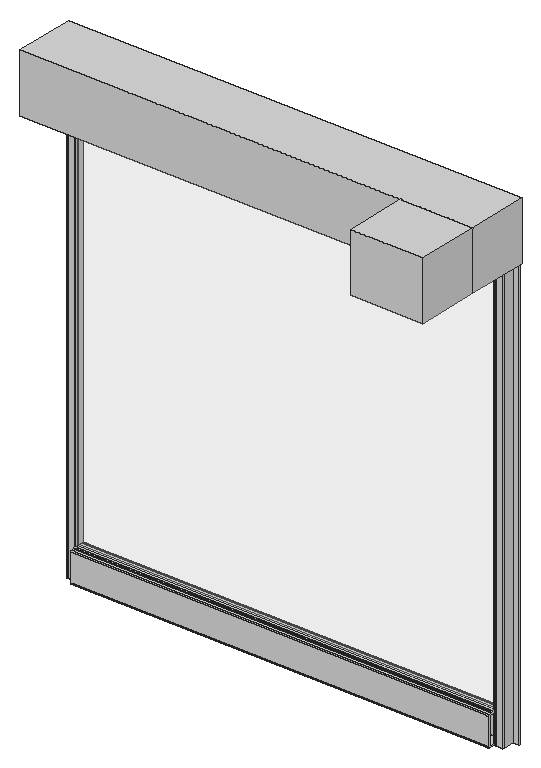
Revit family "Door-Crossing-Gard-Grille_FaceOfWallMount_CornellIron", category Doors, host Wall, Revit 2013
Parameters (values of type "Motor Operated, Aluminium (Mill Finish), 3" Vertical Spacing")
  Sizing Disclaimer = "Openings from 5' to 24' wide and 4' to 20' high."  # constant formula
  Revit Object Download Link = "http://cornellcookson.smartbim.com/download/Door_Crossing-Gard-Grille_FaceOfWallMount_CornellIron"
  Motor = yes
  Function = Interior
  Drip Extension = 0' - 5"
  Curtain Rods 2" OC Standard = Aluminum, mill finish 3" Spacing (curtain only)
  Bottom Bar = Aluminum, mill finish(non-curtain components)
  Guides = Aluminum, mill finish(non-curtain components)
  Hood = Aluminum, mill finish(non-curtain components)
  Mounting = "Face of Wall "  # constant formula
  URL = "http://www.cornelliron.com/crossingGard.html"
  Subcategory = "Overhead Doors"  # constant formula
  Shutter Width = Width + 2 * 0' 2 1/2" + 2 * 0' 0 15/32"  # 10' - 5 15/16"
  Shutter Height = Height - 0' 4 205/256"  # 9' - 7 51/256"
  Optional aluminum, color anodized finish = no
  Operator Height = 5' - 4"
  Operator = Operator : Motor Operator
  Operation = ""
  From Coil Side Operate on Right = yes
  From Coil Side Operate on Left = not(From Coil Side Operate on Right)  # no
  Curtain Spacing Vertical Chains 9" OC = no
  Curtain Spacing Vertical Chains 6" OC = no
  Curtain Spacing Vertical Chains 3" OC = yes
  Model = "ERG-IBC"  # constant formula
  Manufacturer = "Cornell Iron Works"  # constant formula
  LEED Information = "http://www.cornelliron.com/architect-tools-and-resources/leed-information"
  Height = 10' - 0"
  Wall Closure = By host
  Width = 10' - 0"
  Description = "The security of a locked rolling grille that opens on alarm or power failure allowing safe escape."  # constant formula
  Construction Type = ""
  Assembly Code = "B2030410"
  95 CSI = "08330"  # constant formula
  Coil Dimension Note = "15” to 20” - Consult Cornell when dimensions are critical."  # constant formula
  Jamb Dimension Note = " 3” to 4 1/2”  wide. Consult Cornell when dimensions are critical"  # constant formula
  Wall Construction = "Self supporting tubes, Masonry, Steel or Wood"  # constant formula
  Listings = "ICC-ES Evaluated for access controlled egress per the IBC®, per ESR-1167"  # constant formula
  URL Specifications = "http://www.cornelliron.com/docs/default-source/default-document-library/crossinggard-emergency-response-grilles-specification.doc?sfvrsn=1"
  URL Photographs = "http://www.cornelliron.com/inspiration-customization/project-gallery"
  URL CAD = "http://www.cornelliron.com/architect-tools-and-resources/drawing-generator"
  Representative Disclaimer = "Cornell products are sold and installed through a nationwide network of independent distributors."  # constant formula
  Distributor Locator = "http://www.cornelliron.com/contact-us"
  04 CSI = "08 33 00"  # constant formula
  Cost Note = "Based on size, materials selected. Consult Cornell."  # constant formula
Types (12): name | Curtain Rods 2" OC Standard | Bottom Bar | Guides | Hood | Curtain Spacing Vertical Chains 9" OC | Curtain Spacing Vertical Chains 6" OC | Curtain Spacing Vertical Chains 3" OC
  Motor Operated, Aluminium (Anodized Finish), 9" Vertical Spacing | Aluminum, mill finish 3" Spacing (curtain only) | Aluminum, mill finish(non-curtain components) | Aluminum, mill finish(non-curtain components) | Aluminum, mill finish(non-curtain components) | no | no | yes
  Motor Operated, Aluminium (Mill Finish), 9" Vertical Spacing | Aluminum, mill finish 9" Spacing (curtain only) | Aluminum, mill finish(non-curtain components) | Aluminum, mill finish(non-curtain components) | Aluminum, mill finish(non-curtain components) | yes | no | no
  Motor Operated, Galvanized Steel, 9" Vertical Spacing | Galvanized steel 9" Spacing (curtain only) | Galvanized steel curtain, galvanized or powder coated plain steel components(non-curtain components) | Galvanized steel curtain, galvanized or powder coated plain steel components(non-curtain components) | Galvanized steel curtain, galvanized or powder coated plain steel components(non-curtain components) | yes | no | no
  Motor Operated, Stainless Steel, 9" Vertical Spacing | Stainless steel 9" Spacing (curtain only) | Stainless steel(non-curtain components) | Stainless steel(non-curtain components) | Stainless steel(non-curtain components) | yes | no | no
  Motor Operated, Stainless Steel, 6" Vertical Spacing | Stainless steel 6" Spacing (curtain only) | Stainless steel(non-curtain components) | Stainless steel(non-curtain components) | Stainless steel(non-curtain components) | no | yes | no
  Motor Operated, Stainless Steel, 3" Vertical Spacing | Stainless steel 3" Spacing (curtain only) | Stainless steel(non-curtain components) | Stainless steel(non-curtain components) | Stainless steel(non-curtain components) | no | no | yes
  Motor Operated, Galvanized Steel, 6" Vertical Spacing | Galvanized steel 6" Spacing (curtain only) | Galvanized steel curtain, galvanized or powder coated plain steel components(non-curtain components) | Galvanized steel curtain, galvanized or powder coated plain steel components(non-curtain components) | Galvanized steel curtain, galvanized or powder coated plain steel components(non-curtain components) | no | yes | no
  Motor Operated, Galvanized Steel, 3" Vertical Spacing | Galvanized steel 3" Spacing (curtain only) | Galvanized steel curtain, galvanized or powder coated plain steel components(non-curtain components) | Galvanized steel curtain, galvanized or powder coated plain steel components(non-curtain components) | Galvanized steel curtain, galvanized or powder coated plain steel components(non-curtain components) | no | no | yes
  Motor Operated, Aluminium (Mill Finish), 6" Vertical Spacing | Aluminum, mill finish 6" Spacing (curtain only) | Aluminum, mill finish(non-curtain components) | Aluminum, mill finish(non-curtain components) | Aluminum, mill finish(non-curtain components) | no | yes | no
  Motor Operated, Aluminium (Mill Finish), 3" Vertical Spacing | Aluminum, mill finish 3" Spacing (curtain only) | Aluminum, mill finish(non-curtain components) | Aluminum, mill finish(non-curtain components) | Aluminum, mill finish(non-curtain components) | no | no | yes
  Motor Operated, Aluminium (Anodized Finish), 6" Vertical Spacing | Aluminum, anodized finish 6" Spacing (curtain only) | Aluminum, anodized finish(non-curtain components) | Aluminum, anodized finish(non-curtain components) | Aluminum, anodized finish(non-curtain components) | no | yes | no
  Motor Operated, Aluminium (Anodized Finish), 3" Vertical Spacing | Aluminum, anodized finish 3" Spacing (curtain only) | Aluminum, anodized finish(non-curtain components) | Aluminum, anodized finish(non-curtain components) | Aluminum, anodized finish(non-curtain components) | no | no | yes
Reference planes (in)
  plane 1 "Center (Front/Back)": y = 0
  plane 2 "Center (Left/Right)": x = 36
  plane 3 "Left": x = -24
  plane 4 "Right": x = 96
  plane 5 "Top": z = 120
  plane 6 "Wall Edge": y = -4.25
  plane 7: y = -4.25
  plane 8 "Top of Hood": z = 142
  plane 9: y = -17.875
  plane 10: z = 125
  plane 11: z = 4.39975
  plane 12: z = 4.39975
  plane 13: z = 6.41361
  plane 14: z = 10.41361
  plane 15: y = -6.125
  plane 16: x = -29.5
  plane 17: x = 101.5
  plane 18: x = -27
  plane 19: x = 99
  plane 20: z = 132
  plane 21: y = -21.75
  plane 22: y = -39.75
Forms (in)
  Sweep 1, solid, material "Aluminum, mill finish(non-curtain components)" <- "Guides"
    path origin (-95.55277, -6.125, 84) x (-1, 0, 0) y (0, 0, 1)
      loop
        line (-192.05277, -84) -> (-71.05277, -84)
    profile "Profile_BottomBar : Profile_BottomBar" origin (36, -6.125, 0) x (0, 0, 1) y (0, 1, 0)
      loop
        line (0.252, 1.15352) -> (0.252, -3.26114) -> (8.31715, -3.26114) -> (8.31715, 1.15352) -> (0.252, 1.15352)
      loop
        line (0.17656, -3.48747) -> (8.39259, -3.48747)
        arc (8.39259, -3.48747) -> (8.49929, -3.44328) -> (8.54348, -3.33658) r 0.15089
        line (8.54348, -3.33658) -> (8.54348, -2.49697)
        arc (8.54348, -2.49697) -> (8.58767, -2.39028) -> (8.69437, -2.34608) r 0.15089
        line (8.69437, -2.34608) -> (8.85012, -2.34608)
        arc (8.85012, -2.34608) -> (8.95681, -2.30189) -> (9.00101, -2.1952) r 0.15089
        line (9.00101, -2.1952) -> (9.00101, 0.08758)
        arc (9.00101, 0.08758) -> (8.95681, 0.19427) -> (8.85012, 0.23846) r 0.15089
        line (8.85012, 0.23846) -> (8.69437, 0.23846)
        arc (8.69437, 0.23846) -> (8.58767, 0.28266) -> (8.54348, 0.38935) r 0.15089
        line (8.54348, 0.38935) -> (8.54348, 1.22896)
        arc (8.54348, 1.22896) -> (8.49929, 1.33566) -> (8.39259, 1.37985) r 0.15089
        line (8.39259, 1.37985) -> (0.17656, 1.37985)
        arc (0.17656, 1.37985) -> (0.06986, 1.33566) -> (0.02567, 1.22896) r 0.15089
        line (0.02567, 1.22896) -> (0.02567, -3.33658)
        arc (0.02567, -3.33658) -> (0.06986, -3.44328) -> (0.17656, -3.48747) r 0.15089
  Sweep 2, solid, material "Aluminum, mill finish(non-curtain components)" <- "Guides"
    path origin (-60, -4.25, 0) x (1, 0, 0) y (0, 0, 1)
      loop
        line (161.5, 125) -> (161.5, 0)
    profile "Guide-Profile : Guide-Profile" origin (101.5, -4.25, 62.5) x (1, 0, 0) y (0, -1, 0)
      loop
        line (-4.5, 2.484) -> (-4.5, 2.688) -> (-4.64, 2.688) -> (-4.64, 2.56104) -> (-4.86, 2.56104) -> (-4.86, 2.688) -> (-5, 2.688) -> (-5, 2.52275) -> (-5, 1.186) -> (-4.875, 1.124) -> (-2.5, 1.124) -> (-2.5, 0) -> (-0.5, 0) -> (-0.5, 0.188) -> (-2.312, 0.188) -> (-2.312, 3) -> (-2.5, 3) -> (-2.5, 2.562) -> (-2.563, 2.562) -> (-2.563, 3.3125) -> (-2.5, 3.3125) -> (-2.5, 3.625) -> (-4.875, 3.625) -> (-5, 3.563) -> (-5, 3.312) -> (-4.86, 3.312) -> (-4.86, 3.51604) -> (-4.64, 3.51604) -> (-4.64, 3.312) -> (-4.5, 3.312) -> (-4.5, 3.516) -> (-2.688, 3.516) -> (-2.688, 2.484) -> (-4.5, 2.484)
  Sweep 3, solid, material "Aluminum, mill finish(non-curtain components)" <- "Guides"
    path origin (-60, -4.25, 0) x (1, 0, 0) y (0, 0, 1)
      loop
        line (30.5, 125) -> (30.5, 0)
    profile "Guide-Profile : Guide-Profile" origin (-29.5, -4.25, 62.5) x (1, 0, 0) y (0, -1, 0)
      loop
        line (4.5, 2.484) -> (2.688, 2.484) -> (2.688, 3.516) -> (4.5, 3.516) -> (4.5, 3.312) -> (4.64, 3.312) -> (4.64, 3.51604) -> (4.86, 3.51604) -> (4.86, 3.312) -> (5, 3.312) -> (5, 3.563) -> (4.875, 3.625) -> (2.5, 3.625) -> (2.5, 3.3125) -> (2.563, 3.3125) -> (2.563, 2.562) -> (2.5, 2.562) -> (2.5, 3) -> (2.312, 3) -> (2.312, 0.188) -> (0.5, 0.188) -> (0.5, 0) -> (2.5, 0) -> (2.5, 1.124) -> (4.875, 1.124) -> (5, 1.186) -> (5, 2.52275) -> (5, 2.688) -> (4.86, 2.688) -> (4.86, 2.56104) -> (4.64, 2.56104) -> (4.64, 2.688) -> (4.5, 2.688) -> (4.5, 2.484)
  Extrusion 4, solid, material "Aluminum, mill finish 3" Spacing (curtain only)" <- "Curtain Rods 2" OC Standard"
    sketch origin (0, 0, 0) x (1, 0, 0) y (0, 0, 1)
      loop
        line (-24.5, 125) -> (-24.5, 9.00101) -> (96.5, 9.00101) -> (96.5, 125) -> (-24.5, 125)
    from 6.938 to 7.562
Cuts and joins
  joined: Sweep 1, Sweep 2, Sweep 3
Lines and regions (in)
  Opening 1
    outline origin (-90, -4.25, 0) x (1, 0, 0) y (0, 0, 1)
      loop
        line (66, 0) -> (186, 0) -> (186, 120) -> (66, 120) -> (66, 0)
  symbolic lines, style "DoorsPanelProjection"
    curve 1: line (-29, -4.438, 0) -> (-27.188, -4.438, 0)
    curve 2: line (-29, -4.25, 0) -> (-29, -4.438, 0)
    curve 3: line (-27, -4.25, 0) -> (-29, -4.25, 0)
    curve 4: line (-27, -5.374, 0) -> (-27, -4.25, 0)
    curve 5: line (-27.188, -4.438, 0) -> (-27.188, -7.25, 0)
    curve 6: line (-27.188, -7.25, 0) -> (-27, -7.25, 0)
    curve 7: line (-27, -7.25, 0) -> (-27, -6.812, 0)
    curve 8: line (-27, -6.812, 0) -> (-26.937, -6.812, 0)
    curve 9: line (-26.937, -6.812, 0) -> (-26.937, -7.5625, 0)
    curve 10: line (-26.937, -7.5625, 0) -> (-27, -7.5625, 0)
    curve 11: line (-27, -7.5625, 0) -> (-27, -7.875, 0)
    curve 12: line (-27, -7.875, 0) -> (-24.625, -7.875, 0)
    curve 13: line (-24.625, -7.875, 0) -> (-24.5, -7.813, 0)
    curve 14: line (-24.5, -7.813, 0) -> (-24.5, -7.562, 0)
    curve 15: line (-24.5, -7.562, 0) -> (-24.64, -7.562, 0)
    curve 16: line (-24.64, -7.562, 0) -> (-24.64, -7.76604, 0)
    curve 17: line (-24.64, -7.76604, 0) -> (-24.86, -7.76604, 0)
    curve 18: line (-24.86, -7.76604, 0) -> (-24.86, -7.562, 0)
    curve 19: line (-24.86, -7.562, 0) -> (-25, -7.562, 0)
    curve 20: line (-25, -7.562, 0) -> (-25, -7.766, 0)
    curve 21: line (-25, -7.766, 0) -> (-26.812, -7.766, 0)
    curve 22: line (-26.812, -7.766, 0) -> (-26.812, -6.734, 0)
    curve 23: line (-26.812, -6.734, 0) -> (-25, -6.734, 0)
    curve 24: line (-25, -6.734, 0) -> (-25, -6.938, 0)
    curve 25: line (-25, -6.938, 0) -> (-24.86, -6.938, 0)
    curve 26: line (-24.86, -6.938, 0) -> (-24.86, -6.81104, 0)
    curve 27: line (-24.86, -6.81104, 0) -> (-24.64, -6.81104, 0)
    curve 28: line (-24.64, -6.81104, 0) -> (-24.64, -6.938, 0)
    curve 29: line (-24.64, -6.938, 0) -> (-24.5, -6.938, 0)
    curve 30: line (-24.5, -6.938, 0) -> (-24.5, -5.436, 0)
    curve 31: line (-24.5, -5.436, 0) -> (-24.625, -5.374, 0)
    curve 32: line (-24.625, -5.374, 0) -> (-27, -5.374, 0)
    curve 33: line (-27, -5.374, 0) -> (-27, -4.25, 0)
    curve 34: line (101, -4.438, 0) -> (101, -4.25, 0)
    curve 35: line (101, -4.25, 0) -> (99, -4.25, 0)
    curve 36: line (99.188, -4.438, 0) -> (101, -4.438, 0)
    curve 37: line (99.188, -7.25, 0) -> (99.188, -4.438, 0)
    curve 38: line (99, -4.25, 0) -> (99, -5.374, 0)
    curve 39: line (99.188, -7.25, 0) -> (99.188, -4.438, 0)
    curve 40: line (99, -7.25, 0) -> (99.188, -7.25, 0)
    curve 41: line (99, -6.812, 0) -> (99, -7.25, 0)
    curve 42: line (98.937, -6.812, 0) -> (99, -6.812, 0)
    curve 43: line (98.937, -7.5625, 0) -> (98.937, -6.812, 0)
    curve 44: line (99, -7.5625, 0) -> (98.937, -7.5625, 0)
    curve 45: line (99, -7.875, 0) -> (99, -7.5625, 0)
    curve 46: line (96.625, -7.875, 0) -> (99, -7.875, 0)
    curve 47: line (96.5, -7.813, 0) -> (96.625, -7.875, 0)
    curve 48: line (96.5, -7.562, 0) -> (96.5, -7.813, 0)
    curve 49: line (96.64, -7.562, 0) -> (96.5, -7.562, 0)
    curve 50: line (96.64, -7.76604, 0) -> (96.64, -7.562, 0)
    curve 51: line (96.86, -7.76604, 0) -> (96.64, -7.76604, 0)
    curve 52: line (96.86, -7.562, 0) -> (96.86, -7.76604, 0)
    curve 53: line (97, -7.562, 0) -> (96.86, -7.562, 0)
    curve 54: line (97, -7.766, 0) -> (97, -7.562, 0)
    curve 55: line (98.812, -7.766, 0) -> (97, -7.766, 0)
    curve 56: line (98.812, -6.734, 0) -> (98.812, -7.766, 0)
    curve 57: line (97, -6.734, 0) -> (98.812, -6.734, 0)
    curve 58: line (97, -6.938, 0) -> (97, -6.734, 0)
    curve 59: line (96.86, -6.938, 0) -> (97, -6.938, 0)
    curve 60: line (96.86, -6.81104, 0) -> (96.86, -6.938, 0)
    curve 61: line (96.64, -6.81104, 0) -> (96.86, -6.81104, 0)
    curve 62: line (96.64, -6.938, 0) -> (96.64, -6.81104, 0)
    curve 63: line (96.5, -6.938, 0) -> (96.64, -6.938, 0)
    curve 64: line (96.5, -5.436, 0) -> (96.5, -6.938, 0)
    curve 65: line (96.625, -5.374, 0) -> (96.5, -5.436, 0)
    curve 66: line (99, -5.374, 0) -> (96.625, -5.374, 0)
    curve 71: line (96.5, -7.562, 0) -> (96.5, -6.938, 0)
    curve 74: line (-24.5, -6.938, 0) -> (-24.5, -7.562, 0)
  symbolic lines, style "Doors"
    curve 67: line (96.5, -4.74515, 0) -> (96.5, -9.61247, 0)
    curve 68: line (96.5, -4.74515, 0) -> (-24.5, -4.74515, 0)
    curve 69: line (-24.5, -4.74515, 0) -> (-24.5, -9.61247, 0)
    curve 70: line (-24.5, -9.61247, 0) -> (96.5, -9.61247, 0)
    curve 72: line (96.5, -6.938, 0) -> (-24.5, -6.938, 0)
    curve 73: line (-24.5, -7.562, 0) -> (96.5, -7.562, 0)
Text (in)
  text "Exterior" at (-74.96733, 27.31104, 0), in view "Ref. Level"
  text "Interior" at (-74.96733, -25.14366, 0), in view "Ref. Level"
  text "Exterior" at (0, 40.15149, 123.01588), in view "Right"
  text "Interior" at (0, -64.39139, 123.01588), in view "Right"
  text "Interior" at (0, -63.63426, 123.00693), in view "Left"
  text "Exterior" at (0, 54.57065, 123.00693), in view "Left"
Dimensions and locks (in)
  equal spacing: plane 3 "Left", plane 2 "Center (Left/Right)", plane 4 "Right"
  "Height": level to plane 5 "Top"
  "Width": plane 3 "Left" to plane 4 "Right"
  locked: plane 7 to plane 6 "Wall Edge"
  "Drip Extension": plane 10 to plane 5 "Top"
  locked: plane 8 "Top of Hood" to plane 10 at 17
  locked: level to plane 11 at 4.39975
  locked: level to plane 12 at 4.39975
  locked: plane 6 "Wall Edge" to plane 9 at 13.625
  locked: plane 13 to level at 6.41361
  locked: level to plane 14 at 10.41361
  locked: plane 6 "Wall Edge" to plane 15 at 1.875
  locked: plane 16 to plane 3 "Left" at 5.5
  locked: plane 4 "Right" to plane 17 at 5.5
  locked: plane 16 to plane 18 at 2.5
  locked: plane 19 to plane 17 at 2.5
  plane 22 to plane 21 to plane 6 "Wall Edge" = 1' - 6", 1' - 5 1/2"
  plane 10 to plane 5 "Top" = 0' - 5"
  plane 8 "Top of Hood" to level = 11' - 10"
  aligned and locked: plane 3 "Left" to Opening 1 sketch curve
  aligned and locked: plane 5 "Top" to Opening 1 sketch curve  (x2)
  aligned and locked: Opening 1 sketch curve to plane 4 "Right"
  aligned and locked: Opening 1 sketch curve to level
  aligned and locked: plane 6 "Wall Edge" to host wall
  aligned and locked: nested 1 to plane 2 "Center (Left/Right)"
  aligned and locked: nested 1 to host wall
  aligned and locked: level to Sweep 2 sketch curve
  aligned and locked: level to Sweep 3 sketch curve
  aligned and locked: Sweep 3 sketch curve to plane 16
  aligned and locked: plane 17 to Sweep 2 sketch curve
  aligned and locked: Sweep 1 sketch curve to level
  aligned and locked: plane 10 to Sweep 3 sketch curve
  aligned and locked: plane 10 to Sweep 2 sketch curve
  aligned and locked: plane 21 to nested 1
  aligned and locked: plane 22 to nested 1
  aligned and locked: nested 1 to plane 10
  aligned and locked: Extrusion 4 sketch curve to plane 10
  aligned and locked: Extrusion 4 to cut or joined group of Sweep 1, Sweep 2, Sweep 3  (x5)
  aligned and locked: Extrusion 4 to Sweep 1 sketch curve
  aligned and locked: Sweep 1 sketch curve to Extrusion 4
  aligned and locked: curve 1 to cut or joined group of Sweep 1, Sweep 2, Sweep 3
  aligned and locked: curve 2 to cut or joined group of Sweep 1, Sweep 2, Sweep 3
  aligned and locked: curve 3 to cut or joined group of Sweep 1, Sweep 2, Sweep 3
  aligned and locked: curve 4 to cut or joined group of Sweep 1, Sweep 2, Sweep 3
  aligned and locked: curve 5 to cut or joined group of Sweep 1, Sweep 2, Sweep 3
  aligned and locked: curve 6 to cut or joined group of Sweep 1, Sweep 2, Sweep 3
  aligned and locked: curve 7 to cut or joined group of Sweep 1, Sweep 2, Sweep 3
  aligned and locked: curve 8 to cut or joined group of Sweep 1, Sweep 2, Sweep 3
  aligned and locked: curve 9 to cut or joined group of Sweep 1, Sweep 2, Sweep 3
  aligned and locked: curve 10 to cut or joined group of Sweep 1, Sweep 2, Sweep 3
  aligned and locked: curve 11 to cut or joined group of Sweep 1, Sweep 2, Sweep 3
  aligned and locked: curve 12 to cut or joined group of Sweep 1, Sweep 2, Sweep 3
  aligned and locked: curve 13 to cut or joined group of Sweep 1, Sweep 2, Sweep 3
  aligned and locked: curve 14 to cut or joined group of Sweep 1, Sweep 2, Sweep 3
  aligned and locked: curve 15 to cut or joined group of Sweep 1, Sweep 2, Sweep 3
  aligned and locked: curve 16 to cut or joined group of Sweep 1, Sweep 2, Sweep 3
  aligned and locked: curve 17 to cut or joined group of Sweep 1, Sweep 2, Sweep 3
  aligned and locked: curve 18 to cut or joined group of Sweep 1, Sweep 2, Sweep 3
  aligned and locked: curve 19 to cut or joined group of Sweep 1, Sweep 2, Sweep 3
  aligned and locked: curve 20 to cut or joined group of Sweep 1, Sweep 2, Sweep 3
  aligned and locked: curve 21 to cut or joined group of Sweep 1, Sweep 2, Sweep 3
  aligned and locked: curve 22 to cut or joined group of Sweep 1, Sweep 2, Sweep 3
  aligned and locked: curve 23 to cut or joined group of Sweep 1, Sweep 2, Sweep 3
  aligned and locked: curve 24 to cut or joined group of Sweep 1, Sweep 2, Sweep 3
  aligned and locked: curve 25 to cut or joined group of Sweep 1, Sweep 2, Sweep 3
  aligned and locked: curve 26 to cut or joined group of Sweep 1, Sweep 2, Sweep 3
  aligned and locked: curve 27 to cut or joined group of Sweep 1, Sweep 2, Sweep 3
  aligned and locked: curve 28 to cut or joined group of Sweep 1, Sweep 2, Sweep 3
  aligned and locked: curve 29 to cut or joined group of Sweep 1, Sweep 2, Sweep 3
  aligned and locked: curve 30 to cut or joined group of Sweep 1, Sweep 2, Sweep 3
  aligned and locked: curve 31 to cut or joined group of Sweep 1, Sweep 2, Sweep 3
  aligned and locked: curve 32 to cut or joined group of Sweep 1, Sweep 2, Sweep 3
  aligned and locked: curve 34 to cut or joined group of Sweep 1, Sweep 2, Sweep 3
  aligned and locked: curve 35 to cut or joined group of Sweep 1, Sweep 2, Sweep 3
  aligned and locked: curve 36 to cut or joined group of Sweep 1, Sweep 2, Sweep 3
  aligned and locked: curve 37 to cut or joined group of Sweep 1, Sweep 2, Sweep 3
  aligned and locked: curve 38 to cut or joined group of Sweep 1, Sweep 2, Sweep 3
  aligned and locked: curve 40 to cut or joined group of Sweep 1, Sweep 2, Sweep 3
  aligned and locked: curve 41 to cut or joined group of Sweep 1, Sweep 2, Sweep 3
  aligned and locked: curve 42 to cut or joined group of Sweep 1, Sweep 2, Sweep 3
  aligned and locked: curve 43 to cut or joined group of Sweep 1, Sweep 2, Sweep 3
  aligned and locked: curve 44 to cut or joined group of Sweep 1, Sweep 2, Sweep 3
  aligned and locked: curve 45 to cut or joined group of Sweep 1, Sweep 2, Sweep 3
  aligned and locked: curve 46 to cut or joined group of Sweep 1, Sweep 2, Sweep 3
  aligned and locked: curve 47 to cut or joined group of Sweep 1, Sweep 2, Sweep 3
  aligned and locked: curve 48 to cut or joined group of Sweep 1, Sweep 2, Sweep 3
  aligned and locked: curve 49 to cut or joined group of Sweep 1, Sweep 2, Sweep 3
  aligned and locked: curve 50 to cut or joined group of Sweep 1, Sweep 2, Sweep 3
  aligned and locked: curve 51 to cut or joined group of Sweep 1, Sweep 2, Sweep 3
  aligned and locked: curve 52 to cut or joined group of Sweep 1, Sweep 2, Sweep 3
  aligned and locked: curve 53 to cut or joined group of Sweep 1, Sweep 2, Sweep 3
  aligned and locked: curve 54 to cut or joined group of Sweep 1, Sweep 2, Sweep 3
  aligned and locked: curve 55 to cut or joined group of Sweep 1, Sweep 2, Sweep 3
  aligned and locked: curve 56 to cut or joined group of Sweep 1, Sweep 2, Sweep 3
  aligned and locked: curve 57 to cut or joined group of Sweep 1, Sweep 2, Sweep 3
  aligned and locked: curve 58 to cut or joined group of Sweep 1, Sweep 2, Sweep 3
  aligned and locked: curve 59 to cut or joined group of Sweep 1, Sweep 2, Sweep 3
  aligned and locked: curve 60 to cut or joined group of Sweep 1, Sweep 2, Sweep 3
  aligned and locked: curve 61 to cut or joined group of Sweep 1, Sweep 2, Sweep 3
  aligned and locked: curve 62 to cut or joined group of Sweep 1, Sweep 2, Sweep 3
  aligned and locked: curve 63 to cut or joined group of Sweep 1, Sweep 2, Sweep 3
  aligned and locked: curve 64 to cut or joined group of Sweep 1, Sweep 2, Sweep 3
  aligned and locked: curve 65 to cut or joined group of Sweep 1, Sweep 2, Sweep 3
  aligned and locked: curve 66 to cut or joined group of Sweep 1, Sweep 2, Sweep 3
  aligned and locked: curve 67 to cut or joined group of Sweep 1, Sweep 2, Sweep 3
  aligned and locked: curve 68 to cut or joined group of Sweep 1, Sweep 2, Sweep 3
  aligned and locked: curve 69 to cut or joined group of Sweep 1, Sweep 2, Sweep 3
  aligned and locked: curve 70 to cut or joined group of Sweep 1, Sweep 2, Sweep 3
  aligned and locked: curve 72 to Extrusion 4
  aligned and locked: curve 73 to Extrusion 4
  aligned and locked: curve 74 to Extrusion 4
Automatic sketch dimensions
  plane 3 "Left" to Extrusion 4 sketch curve = 0' - 0 1/2"
  Extrusion 4 sketch curve to plane 4 "Right" = 0' - 0 1/2"
  plane 14 to Extrusion 4 sketch curve = 0' - 1.4126"
Nested families (in)
  nested 1: "Operator" at (36, -12.75, 37.50377), type <- "Operator", type "Motor Operator"
Definition of nested family "Operator"
  Parameters (values of type "Motor Operator")
    Width = 10' - 0"
    Roller Chamber = Aluminum, mill finish(non-curtain components)
    Right Motor Visible = not(Motor)  # no
    Right = yes
    Operator Height = Height / 1.5  # 5' - 4"
    Motor = yes
    Material = Aluminum, mill finish(non-curtain components)
    Line = no
    Left Motor Visible = not(Motor)  # no
    Left = no
    Height = 8' - 0"
    Default Elevation = 4' - 0"
    Bottom Bar = Aluminum, mill finish(non-curtain components)
    Assembly Code = ""
  Reference planes (in)
    plane 1 "Center (Front/Back)": y = 0
    plane 2: z = 0
    plane 3 "Center (Left/Right)": x = 0
    plane 4: x = -60
    plane 5: x = 60
    plane 6: z = 96
    plane 7: y = 8.5
    plane 8: z = 87.49623
    plane 9: x = -42.75
    plane 10: x = 42.75
    plane 11: y = -27.30859
    plane 12: y = -12
    plane 13: y = 6.625
    plane 14: x = -55.5
    plane 15: x = 55.5
    plane 16: x = -65.5
    plane 17: x = 65.5
    plane 18: y = -7
  Forms (in)
    Sweep 1, solid, material "Aluminum, mill finish(non-curtain components)" <- "Bottom Bar"
      path origin (-42.75, -180, 87.49623) x (0, -1, 0) y (1, 0, 0)
        loop
          line (-188.5, -22.75) -> (-188.5, 108.25)
      profile "Profile_Hood : Profile_Hood" origin (0, 8.5, 87.49623) x (0, 1, 0) y (0, 0, 1)
        loop
          line (0, 17) -> (-17.5, 17) -> (-17.5, 0) -> (0, 0) -> (0, 17)
    Sweep 2, solid, material "Aluminum, mill finish(non-curtain components)" <- "Bottom Bar"
      path origin (-42.75, -180, 87.49623) x (0, -1, 0) y (1, 0, 0)
        loop
          line (-188.5, -22.75) -> (-188.5, 108.25)
      profile "Profile_Hood : Profile_Hood" origin (0, 8.5, 87.49623) x (0, 1, 0) y (0, 0, 1)
        loop
          line (0, 17) -> (-17.5, 17) -> (-17.5, 0) -> (0, 0) -> (0, 17)
    Sweep 3, solid, material "Aluminum, mill finish(non-curtain components)" <- "Roller Chamber"
      path origin (-42.75, -180, 87.49623) x (0, -1, 0) y (1, 0, 0)
        loop
          line (-188.5, -22.75) -> (-188.5, 108.25)
      profile "Profile_Hood : Profile_Hood" origin (0, 8.5, 87.49623) x (0, 1, 0) y (0, 0, 1)
        loop
          line (0, 17) -> (-17.5, 17) -> (-17.5, 0) -> (0, 0) -> (0, 17)
  Lines and regions (in)
    symbolic lines, style "GenericModelHiddenLines"
      curve 1: line (-65.5, 8.5, 0) -> (-65.5, -7, 0)
      curve 3: line (65.5, -7, 0) -> (65.5, 8.5, 0)
    symbolic lines, style "GenericModelHiddenLines", visible <- "Line"
      curve 2: line (-65.5, -7, 0) -> (65.5, -7, 0)
    symbolic lines, style "GenericModelHiddenLines", visible <- "Left"
      curve 4: line (-44.5, -7, 0) -> (65.5, -7, 0)
    symbolic lines, style "GenericModelHiddenLines", visible <- "Right"
      curve 5: line (-65.5, -7, 0) -> (44.5, -7, 0)
    symbolic lines, style "GenericModelHiddenLines", visible <- "Right Motor Visible"
      curve 6: line (44.5, -7, 0) -> (65.5, -7, 0)
    symbolic lines, style "GenericModelHiddenLines", visible <- "Left Motor Visible"
      curve 7: line (-65.5, -7, 0) -> (-44.5, -7, 0)
  Dimensions and locks (in)
    equal spacing: plane 4, plane 3 "Center (Left/Right)", plane 5
    "Width": plane 4 to plane 5
    "Height": plane 6 to level
    locked: plane 7 to plane 1 "Center (Front/Back)" at 8.5
    locked: plane 6 to plane 8 at 8.50377
    locked: plane 7 to plane 11 at 35.80859
    locked: plane 7 to plane 13 at 1.875
    locked: plane 15 to plane 5 at 4.5
    locked: plane 4 to plane 14 at 4.5
    locked: plane 16 to plane 4 at 5.5
    locked: plane 17 to plane 5 at 5.5
    locked: plane 18 to plane 7 at 15.5
    aligned and locked: nested 2 to plane 6
    aligned and locked: Sweep 1 sketch curve to plane 7
    aligned and locked: nested 1 to Sweep 1
    aligned and locked: Sweep 2 sketch curve to plane 7
    aligned and locked: Sweep 3 sketch curve to plane 7
    aligned and locked: plane 6 to nested 1
    aligned and locked: plane 16 to Sweep 2 sketch curve
    aligned and locked: plane 17 to Sweep 2 sketch curve
    aligned and locked: plane 16 to Sweep 3 sketch curve
    aligned and locked: plane 17 to Sweep 3 sketch curve
    aligned and locked: plane 16 to Sweep 1 sketch curve
    aligned and locked: plane 17 to Sweep 1 sketch curve
    aligned and locked: plane 7 to curve 1
    aligned and locked: curve 3 to plane 7
    aligned and locked: plane 18 to curve 3
    aligned and locked: plane 18 to curve 4
    aligned and locked: nested 1 to curve 5
    aligned and locked: curve 5 to plane 18
    aligned and locked: nested 1 to curve 6
    aligned and locked: curve 5 to curve 6
    aligned and locked: nested 2 to Sweep 3
    aligned and locked: nested 1 to Sweep 2
    aligned and locked: nested 2 to curve 7
    aligned and locked: plane 16 to nested 2
    aligned and locked: curve 1 to plane 16
  Nested families (in)
    nested 1: "Pull-Down-Pole" at (71.375, -2, 32), visible <- "Right", type "Pull"
    nested 2: "Pull-Down-Pole" at (-71.375, -2, 32) x (-1, 0, 0) z (0, 0, 1), visible <- "Left", type "Pull 2"
  Definition of nested family "Pull-Down-Pole"
    Parameters (values of type "Pull 2")
      Motor = yes
      Material = Aluminum, mill finish(non-curtain components)
      Hood = Aluminum, mill finish(non-curtain components)
      Height = 5' - 4"
      Bottom Bar = Aluminum, mill finish(non-curtain components)
      Assembly Code = ""
    Types (2): name
      Pull 2
      Pull
    Reference planes (in)
      plane 1 "Center (Front/Back)": y = 0
      plane 2: z = 0
      plane 3 "Center (Left/Right)": x = 0
      plane 4: z = 64
      plane 5: y = -7
      plane 6: y = -25
      plane 7: x = -3.625
      plane 8: x = -5.875
      plane 9: x = -1.375
    Forms (in)
      Extrusion 1, solid, material "Aluminum, mill finish(non-curtain components)" <- "Material", visible <- "Motor"
        sketch origin (0, 0, 0) x (1, 0, 0) y (0, 0, 1)
          loop
            line (-26.875, 72.49609) -> (-26.875, 55.49609) -> (-5.875, 55.49609) -> (-5.875, 72.49609) -> (-26.875, 72.49609)
        from 7 to 25
      Extrusion 2, solid, material "Aluminum, mill finish(non-curtain components)" <- "Bottom Bar", not visible
        sketch origin (-9.625, -8.75, 56.81318) x (0, 0, 1) y (0, -1, 0)
          loop
            line (15.68682, -17.125) -> (15.68682, -1.75) -> (-1.31318, -1.75) -> (-1.31318, -17.125) -> (15.68682, -17.125)
        from 3.75 to 8.25
      Extrusion 3, solid, material "Aluminum, mill finish(non-curtain components)" <- "Bottom Bar", not visible
        sketch origin (-5.875, -5.3125, 56.81318) x (0, 0, -1) y (0, -1, 0)
          loop
            line (-15.68682, 1.6875) -> (-15.68682, -13.6875) -> (1.31318, -13.6875) -> (1.31318, 1.6875) -> (-15.68682, 1.6875)
        from -4.5 to 0
    Lines and regions (in)
      symbolic lines, style "GenericModelHiddenLines", visible <- "Motor"
        curve 1: line (-26.875, -25, 0) -> (-26.875, -7, 0)
        curve 2: line (-26.875, -25, 0) -> (-5.875, -25, 0)
        curve 3: line (-5.875, -25, 0) -> (-5.875, -7, 0)
    Dimensions and locks (in)
      "Height": plane 4 to level
      locked: plane 3 "Center (Left/Right)" to Extrusion 1 sketch curve at 5.875
      locked: Extrusion 1 sketch curve to Extrusion 1 sketch curve at 21
      locked: plane 4 to Extrusion 1 sketch curve at 8.50391
      locked: Extrusion 1 sketch curve to plane 4 at 8.49609
      locked: plane 1 "Center (Front/Back)" to plane 5 at 7
      plane 5 to plane 6 = 1' - 6"
      Extrusion 2 to plane 7 = 0' - 2 1/4"
      locked: plane 8 to plane 9 at 4.5
      equal spacing: plane 8, plane 7, plane 9
      plane 5 to plane 1 "Center (Front/Back)" = 0' - 7"
      plane 1 "Center (Front/Back)" to Extrusion 3 sketch curve = 0' - 8 3/8"
      Extrusion 2 to plane 4 = 0' - 8 1/2"
      aligned and locked: plane 5 to Extrusion 1
      aligned and locked: plane 6 to Extrusion 1
      aligned and locked: plane 4 to nested 1
      aligned and locked: plane 7 to nested 1
      aligned and locked: plane 1 "Center (Front/Back)" to nested 1
      aligned and locked: Extrusion 2 to Extrusion 3
      aligned and locked: Extrusion 3 to plane 9
      aligned and locked: Extrusion 2 to plane 9
      aligned and locked: plane 5 to curve 1
      aligned and locked: plane 6 to curve 1
      aligned and locked: plane 5 to curve 3
      aligned and locked: plane 6 to curve 3
      aligned and locked: Extrusion 1 to curve 2
      aligned and locked: curve 2 to Extrusion 1
    Automatic sketch dimensions
      Extrusion 3 sketch curve to Extrusion 2 = 0' - 0"  (x2)
      Extrusion 3 sketch curve to Extrusion 2 = 1' - 3 3/8"
      Extrusion 2 sketch curve to plane 5 = 0' - 0"
      Extrusion 2 sketch curve to plane 4 = 0' - 8 1/2"
      plane 4 to Extrusion 2 sketch curve = 0' - 8 1/2"
      Extrusion 2 sketch curve to Extrusion 2 sketch curve = 1' - 3 3/8"
    Nested families (in)
      nested 1: "Hand Crank" at (-3.625, 0, 0), type "Pull"
        with Crank Visibility no
    Definition of nested family "Hand Crank"
      Parameters (values of type "Pull 2")
        Pull Visibility = no
        Material = none
        Height = 5' - 4"
        Crank Visibility = yes
        Chain Visibility = no
        Assembly Code = ""
      Types (2): name
        Pull
        Pull 2
      Reference planes (in)
        plane 1 "Center (Front/Back)": y = 0
        plane 2: z = 0
        plane 3 "Center (Left/Right)": x = 0
        plane 4: z = 64
      Forms (in)
        Extrusion 1, solid, material <- "Material", visible <- "Crank Visibility"
          sketch origin (0.49219, 0, -9.71913) x (1, 0, 0) y (0, 1, 0)
            loop
              circle (-0.49219, 0) r 0.3635
          from 27.71913 to 73.71913
        Revolve 2, solid, material <- "Material", visible <- "Crank Visibility"
          sketch origin (0.48828, 0, 0) x (1, 0, 0) y (0, 0, 1)
            loop
              line (-0.00839, 16.40625) -> (-0.00839, 17.75)
              arc (-0.00839, 17.75) -> (0.0137, 17.75915) -> (0.02286, 17.78125) r 0.03125
              line (0.02286, 17.78125) -> (0.02286, 17.96875)
              arc (0.02286, 17.96875) -> (0.0137, 17.99085) -> (-0.00839, 18) r 0.03125
              line (-0.00839, 18) -> (-0.12478, 18) -> (-0.25839, 16.375) -> (-0.03964, 16.375)
              arc (-0.03964, 16.375) -> (-0.01755, 16.38415) -> (-0.00839, 16.40625) r 0.03125
            axis (-0.5, 16.375) -> (-0.5, 18)
          angle from 0 to 360
        Extrusion 3, solid, material <- "Material", visible <- "Crank Visibility"
          sketch origin (0.48828, 0, -9.71913) x (1, 0, 0) y (0, 1, 0)
            loop
              circle (-0.5, 0) r 0.24161
          from 24.71913 to 26.09413
        Revolve 4, solid, material <- "Material", visible <- "Crank Visibility"
          sketch origin (0.48828, 0, -33.71913) x (1, 0, 0) y (0, 0, 1)
            loop
              line (-0.10214, 48.71913) -> (-0.5, 48.71913) -> (-0.5, 44.28163) -> (-0.10214, 44.28163)
              arc (-0.10214, 44.28163) -> (-0.08321, 44.29598) -> (-0.06782, 44.31409) r 0.10929
              arc (-0.06782, 44.31409) -> (-0.0568, 44.33489) -> (-0.05048, 44.35756) r 0.10929
              arc (-0.05048, 44.35756) -> (-0.04908, 44.37899) -> (-0.05189, 44.40028) r 0.10929
              arc (-0.05189, 44.40028) -> (-0.06078, 44.4247) -> (-0.07518, 44.44633) r 0.10929
              arc (-0.07518, 44.44633) -> (-0.08774, 44.45883) -> (-0.10214, 44.46913) r 0.10929
              line (-0.10214, 44.46913) -> (-0.25839, 44.46913) -> (-0.25839, 44.53163) -> (-0.03964, 44.53163)
              arc (-0.03964, 44.53163) -> (0.02286, 46.50038) -> (-0.03964, 48.46913) r 31.03906
              line (-0.03964, 48.46913) -> (-0.25839, 48.46913) -> (-0.25839, 48.53163) -> (-0.10214, 48.53163)
              arc (-0.10214, 48.53163) -> (-0.089, 48.54117) -> (-0.07741, 48.55254) r 0.11027
              arc (-0.07741, 48.55254) -> (-0.06715, 48.5662) -> (-0.05913, 48.58129) r 0.11027
              arc (-0.05913, 48.58129) -> (-0.05268, 48.60089) -> (-0.05, 48.62136) r 0.11027
              arc (-0.05, 48.62136) -> (-0.05282, 48.65047) -> (-0.06319, 48.67782) r 0.11027
              arc (-0.06319, 48.67782) -> (-0.07996, 48.70102) -> (-0.10214, 48.71913) r 0.11027
            axis (-0.5, 44.28163) -> (-0.5, 48.71913)
          angle from 0 to 360
        Revolve 5, solid, material <- "Material", visible <- "Crank Visibility"
          sketch origin (0.48828, 0, 0) x (1, 0, 0) y (0, 0, 1)
            loop
              line (-7.10196, 4.6875) -> (-7.49981, 4.6875) -> (-7.49981, 0) -> (-7.28964, 0) -> (-7.25839, 0.03125) -> (-7.25839, 0.25) -> (-7.10196, 0.25)
              arc (-7.10196, 0.25) -> (-7.08302, 0.26435) -> (-7.06764, 0.28246) r 0.10929
              arc (-7.06764, 0.28246) -> (-7.05661, 0.30326) -> (-7.0503, 0.32593) r 0.10929
              arc (-7.0503, 0.32593) -> (-7.04889, 0.34736) -> (-7.05171, 0.36865) r 0.10929
              arc (-7.05171, 0.36865) -> (-7.0606, 0.39307) -> (-7.075, 0.4147) r 0.10929
              arc (-7.075, 0.4147) -> (-7.08755, 0.4272) -> (-7.10196, 0.4375) r 0.10929
              line (-7.10196, 0.4375) -> (-7.25821, 0.4375) -> (-7.25821, 0.5) -> (-7.03946, 0.5)
              arc (-7.03946, 0.5) -> (-6.97696, 2.46875) -> (-7.03946, 4.4375) r 31.03906
              line (-7.03946, 4.4375) -> (-7.25821, 4.4375) -> (-7.25821, 4.5) -> (-7.10196, 4.5)
              arc (-7.10196, 4.5) -> (-7.08882, 4.50954) -> (-7.07722, 4.52091) r 0.11027
              arc (-7.07722, 4.52091) -> (-7.06696, 4.53457) -> (-7.05894, 4.54966) r 0.11027
              arc (-7.05894, 4.54966) -> (-7.05249, 4.56926) -> (-7.04981, 4.58973) r 0.11027
              arc (-7.04981, 4.58973) -> (-7.05263, 4.61884) -> (-7.06301, 4.64619) r 0.11027
              arc (-7.06301, 4.64619) -> (-7.07978, 4.66939) -> (-7.10196, 4.6875) r 0.11027
            axis (-7.49981, 0) -> (-7.49981, 4.6875)
          angle from 0 to 360
        Sweep 6, solid, material <- "Material", visible <- "Crank Visibility"
          path origin (0.48828, 0, 0) x (1, 0, 0) y (0, 0, 1)
            loop
              arc (-7.49004, 4.6119) -> (-7.47789, 4.71547) -> (-7.45023, 4.816) r 0.6875
              arc (-7.45023, 4.816) -> (-7.43834, 4.84678) -> (-7.42499, 4.87696) r 0.6875
              arc (-7.42499, 4.87696) -> (-7.41762, 4.89212) -> (-7.40987, 4.9071) r 0.6875
              arc (-7.40987, 4.9071) -> (-7.38741, 4.94613) -> (-7.36243, 4.98361) r 0.6875
              arc (-7.36243, 4.98361) -> (-7.33964, 5.01371) -> (-7.31523, 5.04252) r 0.6875
              arc (-7.31523, 5.04252) -> (-7.29391, 5.06527) -> (-7.27158, 5.08702) r 0.6875
              line (-7.27158, 5.08702) -> (-0.63776, 10.21872)
              arc (-0.63776, 10.21872) -> (-0.61587, 10.24313) -> (-0.59517, 10.26856) r 0.6875
              arc (-0.59517, 10.26856) -> (-0.57706, 10.29302) -> (-0.56005, 10.31826) r 0.6875
              arc (-0.56005, 10.31826) -> (-0.54767, 10.33829) -> (-0.53598, 10.35873) r 0.6875
              arc (-0.53598, 10.35873) -> (-0.52266, 10.38421) -> (-0.51043, 10.41023) r 0.6875
              arc (-0.51043, 10.41023) -> (-0.49993, 10.43513) -> (-0.49042, 10.46042) r 0.6875
              arc (-0.49042, 10.46042) -> (-0.47982, 10.49292) -> (-0.47085, 10.5259) r 0.6875
              arc (-0.47085, 10.5259) -> (-0.46028, 10.57739) -> (-0.45368, 10.62953) r 0.6875
          profile origin (-3.46639, 0, 7.65287) x (-0.611862, 0, 0.790964) y (0, -1, 0)
            loop
              circle (0, 0) r 0.21875
      Dimensions and locks (in)
        "Height": plane 4 to level
        aligned and locked: plane 4 to Extrusion 1
      Automatic sketch dimensions
        plane 3 "Center (Left/Right)" to Extrusion 1 sketch curve = 0' - 0"
        Extrusion 1 sketch curve to plane 1 "Center (Front/Back)" = 0' - 0"
        Revolve 2 sketch curve to plane 3 "Center (Left/Right)" = 0' - 0 3/256"
        Revolve 2 sketch curve to Revolve 2 sketch curve = 0' - 0.24161"
        Revolve 2 sketch curve to Revolve 2 sketch curve = 0' - 0.37522"
        Revolve 2 sketch curve to Revolve 2 sketch curve = 0' - 0 7/32"
        Revolve 2 sketch curve to Revolve 2 sketch curve = 0' - 0.11639"
        Revolve 2 sketch curve to Revolve 2 sketch curve = 0' - 0"  (x2)
        Revolve 2 sketch curve to Revolve 2 sketch curve = 0' - 0 1/32"
        level to Revolve 2 sketch curve = 1' - 4 3/8"
        Revolve 2 sketch curve to Revolve 2 sketch curve = 0' - 1 11/32"
        Revolve 2 sketch curve to Revolve 2 sketch curve = 0' - 0 3/16"
        Revolve 2 sketch curve to Revolve 2 sketch curve = 0' - 0.55649"
        Extrusion 3 sketch curve to plane 3 "Center (Left/Right)" = 0' - 0 3/256"
        Extrusion 3 sketch curve to plane 1 "Center (Front/Back)" = 0' - 0"
        Revolve 4 sketch curve to Revolve 4 sketch curve = 0' - 0"  (x42)
        Revolve 4 sketch curve to plane 3 "Center (Left/Right)" = 2' - 6.52792"
        Revolve 4 sketch curve to plane 3 "Center (Left/Right)" = 0' - 0 3/256"
        Revolve 4 sketch curve to Revolve 4 sketch curve = 0' - 0.24161"  (x2)
        Revolve 4 sketch curve to Revolve 4 sketch curve = 0' - 0.0982"
        Revolve 4 sketch curve to Revolve 4 sketch curve = 0' - 0.10009"
        Revolve 4 sketch curve to Revolve 4 sketch curve = 0' - 0.05805"  (x2)
        Revolve 4 sketch curve to Revolve 4 sketch curve = 0' - 0.05616"  (x2)
        Revolve 4 sketch curve to Revolve 4 sketch curve = 0' - 0.02473"
        Revolve 4 sketch curve to Revolve 4 sketch curve = 0' - 0.02696"
        Revolve 4 sketch curve to Revolve 4 sketch curve = 0' - 0.03432"
        Revolve 4 sketch curve to Revolve 4 sketch curve = 0' - 0.03895"
        Revolve 4 sketch curve to Revolve 4 sketch curve = 0' - 0.01828"
        Revolve 4 sketch curve to Revolve 4 sketch curve = 0' - 0.02329"
        Revolve 4 sketch curve to Revolve 4 sketch curve = 0' - 0.00141"
        Revolve 4 sketch curve to Revolve 4 sketch curve = 0' - 0.00913"
        Revolve 4 sketch curve to Revolve 4 sketch curve = 0' - 0 1/16"  (x4)
        level to Revolve 4 sketch curve = 0' - 10 9/16"
        Revolve 4 sketch curve to Revolve 4 sketch curve = 0' - 0.03246"
        Revolve 4 sketch curve to Revolve 4 sketch curve = 0' - 0.36189"
        level to Revolve 4 sketch curve = 1' - 0 25/32"
        Revolve 4 sketch curve to Revolve 4 sketch curve = 0' - 0.02091"
        Revolve 5 sketch curve to Revolve 5 sketch curve = 0' - 0"  (x42)
        Revolve 5 sketch curve to plane 3 "Center (Left/Right)" = 3' - 1.52774"
        Revolve 5 sketch curve to plane 3 "Center (Left/Right)" = 0' - 7.01153"
        Revolve 5 sketch curve to Revolve 5 sketch curve = 0' - 0.21017"
        Revolve 5 sketch curve to Revolve 5 sketch curve = 0' - 0 1/32"  (x2)
        Revolve 5 sketch curve to Revolve 5 sketch curve = 0' - 0.24161"
        Revolve 5 sketch curve to Revolve 5 sketch curve = 0' - 0.00019"
        Revolve 5 sketch curve to Revolve 5 sketch curve = 0' - 0.0982"
        Revolve 5 sketch curve to Revolve 5 sketch curve = 0' - 0.10009"
        Revolve 5 sketch curve to Revolve 5 sketch curve = 0' - 0.05805"  (x2)
        Revolve 5 sketch curve to Revolve 5 sketch curve = 0' - 0.05616"  (x2)
        Revolve 5 sketch curve to Revolve 5 sketch curve = 0' - 0.02473"
        Revolve 5 sketch curve to Revolve 5 sketch curve = 0' - 0.02696"
        Revolve 5 sketch curve to Revolve 5 sketch curve = 0' - 0.03432"
        Revolve 5 sketch curve to Revolve 5 sketch curve = 0' - 0.03895"
        Revolve 5 sketch curve to Revolve 5 sketch curve = 0' - 0.01828"
        Revolve 5 sketch curve to Revolve 5 sketch curve = 0' - 0.02329"
        Revolve 5 sketch curve to Revolve 5 sketch curve = 0' - 0.00141"
        Revolve 5 sketch curve to Revolve 5 sketch curve = 0' - 0.00913"
        Revolve 5 sketch curve to Revolve 5 sketch curve = 0' - 0 1/16"  (x4)
        level to Revolve 5 sketch curve = 0' - 0"
        Revolve 5 sketch curve to Revolve 5 sketch curve = 0' - 0 7/32"
        Revolve 5 sketch curve to Revolve 5 sketch curve = 0' - 0.03246"
        Revolve 5 sketch curve to Revolve 5 sketch curve = 0' - 0.03008"
        level to Revolve 5 sketch curve = 0' - 2 15/32"
        Revolve 5 sketch curve to Revolve 5 sketch curve = 0' - 0.02091"
        Sweep 6 sketch curve to Sweep 6 sketch curve = 0' - 0"  (x72)
        Sweep 6 sketch curve to plane 3 "Center (Left/Right)" = 0' - 7.00176"
        Sweep 6 sketch curve to Sweep 6 sketch curve = 0' - 0.03981"
        Sweep 6 sketch curve to Sweep 6 sketch curve = 0' - 0.02523"
        Sweep 6 sketch curve to Sweep 6 sketch curve = 0' - 0.01512"
        Sweep 6 sketch curve to Sweep 6 sketch curve = 0' - 0.04744"
        Sweep 6 sketch curve to Sweep 6 sketch curve = 0' - 0.0472"
        Sweep 6 sketch curve to Sweep 6 sketch curve = 0' - 0.04365"
        Sweep 6 sketch curve to Sweep 6 sketch curve = 0' - 0.60676"
        Sweep 6 sketch curve to Sweep 6 sketch curve = 0' - 6.13304"
        Sweep 6 sketch curve to Sweep 6 sketch curve = 0' - 0.50078"
        Sweep 6 sketch curve to Sweep 6 sketch curve = 0' - 0.04259"
        Sweep 6 sketch curve to Sweep 6 sketch curve = 0' - 0.03512"
        Sweep 6 sketch curve to Sweep 6 sketch curve = 0' - 0.02407"
        Sweep 6 sketch curve to Sweep 6 sketch curve = 0' - 0.02555"
        Sweep 6 sketch curve to Sweep 6 sketch curve = 0' - 0.02001"
        Sweep 6 sketch curve to Sweep 6 sketch curve = 0' - 0.01957"
        Sweep 6 sketch curve to Sweep 6 sketch curve = 0' - 0.01717"
        level to Sweep 6 sketch curve = 0' - 4.58384"
        Sweep 6 sketch curve to Sweep 6 sketch curve = 0' - 0.02806"
        Sweep 6 sketch curve to Sweep 6 sketch curve = 0' - 5.63487"
        Sweep 6 sketch curve to Sweep 6 sketch curve = 0' - 0.04984"
        Sweep 6 sketch curve to profile plane = 0' - 0"  (x2)
        radius of Extrusion 1 sketch curve = 0' - 0.3635"
        radius of Extrusion 3 sketch curve = 0' - 0.24161"
        radius of Sweep 6 sketch curve = 0' - 0 7/32"
